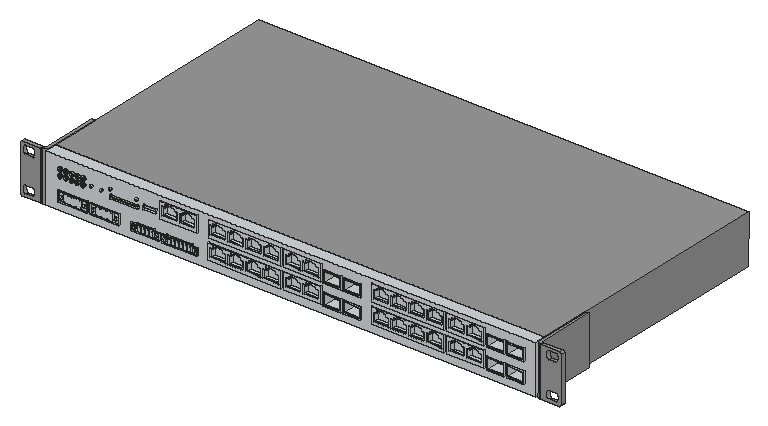
Revit family "G6 PLR MS400890MX-V2", category Datengeräte, Revit 2023
Family settings
  Bemaßung runder Anschluss = Durchmesser verwenden
  Teiletyp = Normal
  OmniClass-Nummer = 23.85.50.17
  OmniClass-Titel = Communication and Data Processing Equipment
  Arbeitsebenenbasiert = Nein
  Immer vertikal = Ja
  Beim Laden mit Abzugskörper schneiden = Nein
  Beschriftungsausrichtung beibehalten = Nein
  Gemeinsam genutzt = Nein
  Raumberechnungspunkt = Nein
Parameters (values of type "G6 PLR MS400890MX-V2")
  Vorgabe-Ansicht = 0 mm
  Material 2 = Stahl, 43-245
  Material = Edelstahl AISI 304
  Ausführung = "19\", managed switch"
  Anschluss 7 = 0 mm
  Anschluss 6 = "RS-232 Port (RJ-45)"
  Anschluss 3 = "16x PoE+"
  Spannung Input = "2x 24..57VDC"
  Hersteller = "MICROSENS"
  Beschreibung = "25-Port GbE Industrial PLR Switch 19\" PoE+"
  Anschluss 5 = "1x USB, SD-Karte inkl"
  Artikelnummer = "MS400890MX-V2"
  Anschluss 4 = "1x PD"
  Anschluss 2 = "17x 10/100/1000T"
  Anschluss 1 = "8x 100/1000X SFP-Slots - 10/100/1000T (Combo)"
  Anschluss  7 = "2x I/O"
Reference planes
  plane 1 "Mitte (Vorne/Hinten)": y = 232.367
  plane 2: z = 0
  plane 3 "Mitte (Links/Rechts)": x = 6.748
Forms (mm)
  Extrusion 1, solid
    sketch origin (-0.016, 364.751, 0.945) x (1, 0, 0) y (0, 0.000495, 1)
      loop
        line (-210.828, 42.454) -> (-210.828, -0.948) -> (224.172, -0.948) -> (224.172, 42.454) -> (-210.828, 42.454)
    from 235.89 to 246.705
  Extrusion 2, solid
    sketch origin (0.625, 268.771, -232.376) x (1, 0, 0) y (0, 0.000495, 1)
      loop
        line (-109.371, 257.955) -> (-76.371, 257.955) -> (-76.371, 272.055) -> (-109.371, 272.055) -> (-109.371, 257.955)
      loop
        line (-107.78, 260.695) -> (-93.81, 260.695) -> (-93.81, 268.569) -> (-96.477, 268.569) -> (-96.477, 270.347) -> (-98.89, 270.347) -> (-98.89, 271.236) -> (-102.7, 271.236) -> (-102.7, 270.347) -> (-105.113, 270.347) -> (-105.113, 268.569) -> (-107.78, 268.569) -> (-107.78, 260.695)
      loop
        line (-92.032, 260.695) -> (-78.062, 260.695) -> (-78.062, 268.569) -> (-80.729, 268.569) -> (-80.729, 270.347) -> (-83.142, 270.347) -> (-83.142, 271.236) -> (-86.952, 271.236) -> (-86.952, 270.347) -> (-89.365, 270.347) -> (-89.365, 268.569) -> (-92.032, 268.569) -> (-92.032, 260.695)
    from 150.84 to 151.64
  Extrusion 3, solid
    sketch origin (0.938, 268.771, -232.376) x (1, 0, 0) y (0, 0.000495, 1)
      loop
        line (-126.471, 264.855) -> (-126.471, 259.255)
        arc (-126.471, 259.255) -> (-126.178, 258.548) -> (-125.471, 258.255) r 1
        line (-125.471, 258.255) -> (-112.371, 258.255)
        arc (-112.371, 258.255) -> (-111.663, 258.548) -> (-111.371, 259.255) r 1
        line (-111.371, 259.255) -> (-111.371, 264.855)
        arc (-111.371, 264.855) -> (-111.663, 265.562) -> (-112.371, 265.855) r 1
        line (-112.371, 265.855) -> (-125.471, 265.855)
        arc (-125.471, 265.855) -> (-126.178, 265.562) -> (-126.471, 264.855) r 1
      loop
        line (-125.071, 264.605) -> (-125.071, 259.105) -> (-112.671, 259.105) -> (-112.671, 264.605) -> (-125.071, 264.605)
    from 150.84 to 151.64
  Extrusion 4, solid
    sketch origin (0.938, 268.771, -232.376) x (1, 0, 0) y (0, 0.000495, 1)
      loop
        line (-124.365, 262.053) -> (-113.348, 262.053) -> (-113.348, 263.837) -> (-124.365, 263.837) -> (-124.365, 262.053)
      loop
        line (-124.121, 263.355) -> (-124.121, 262.305) -> (-113.621, 262.305) -> (-113.621, 263.355) -> (-124.121, 263.355)
    from 150.84 to 151.64
  Extrusion 5, solid
    sketch origin (0.703, 268.771, -232.376) x (1, 0, 0) y (0, 0.000495, 1)
      loop
        circle (-198.221, 265.585) r 1.75
      loop
        circle (-198.221, 265.575) r 1.524
    from 150.84 to 151.64
  Extrusion 6, solid
    sketch origin (5.783, 268.771, -232.376) x (1, 0, 0) y (0, 0.000495, 1)
      loop
        circle (-198.221, 265.585) r 1.75
      loop
        circle (-198.221, 265.575) r 1.524
    from 150.84 to 151.64
  Extrusion 7, solid
    sketch origin (10.863, 268.771, -232.376) x (1, 0, 0) y (0, 0.000495, 1)
      loop
        circle (-198.221, 265.585) r 1.75
      loop
        circle (-198.221, 265.575) r 1.524
    from 150.84 to 151.64
  Extrusion 8, solid
    sketch origin (15.943, 268.771, -232.376) x (1, 0, 0) y (0, 0.000495, 1)
      loop
        circle (-198.221, 265.585) r 1.75
      loop
        circle (-198.221, 265.575) r 1.524
    from 150.84 to 151.64
  Extrusion 9, solid
    sketch origin (21.023, 268.771, -232.376) x (1, 0, 0) y (0, 0.000495, 1)
      loop
        circle (-198.221, 265.585) r 1.75
      loop
        circle (-198.221, 265.575) r 1.524
    from 150.84 to 151.64
  Extrusion 10, solid
    sketch origin (21.023, 268.768, -237.456) x (1, 0, 0) y (0, 0.000495, 1)
      loop
        circle (-198.221, 265.585) r 1.75
      loop
        circle (-198.221, 265.575) r 1.524
    from 150.84 to 151.64
  Extrusion 11, solid
    sketch origin (15.943, 268.768, -237.456) x (1, 0, 0) y (0, 0.000495, 1)
      loop
        circle (-198.221, 265.585) r 1.75
      loop
        circle (-198.221, 265.575) r 1.524
    from 150.84 to 151.64
  Extrusion 12, solid
    sketch origin (10.863, 268.768, -237.456) x (1, 0, 0) y (0, 0.000495, 1)
      loop
        circle (-198.221, 265.585) r 1.75
      loop
        circle (-198.221, 265.575) r 1.524
    from 150.84 to 151.64
  Extrusion 13, solid
    sketch origin (5.783, 268.768, -237.456) x (1, 0, 0) y (0, 0.000495, 1)
      loop
        circle (-198.221, 265.585) r 1.75
      loop
        circle (-198.221, 265.575) r 1.524
    from 150.84 to 151.64
  Extrusion 14, solid
    sketch origin (0.703, 268.768, -237.456) x (1, 0, 0) y (0, 0.000495, 1)
      loop
        circle (-198.221, 265.585) r 1.75
      loop
        circle (-198.221, 265.575) r 1.524
    from 150.84 to 151.64
  Extrusion 15, solid
    sketch origin (0.703, 268.771, -232.376) x (1, 0, 0) y (0, 0.000495, 1)
      loop
        circle (-170.571, 261.955) r 1
    from 150.84 to 151.64
  Extrusion 16, solid
    sketch origin (9.703, 268.771, -232.376) x (1, 0, 0) y (0, 0.000495, 1)
      loop
        circle (-170.571, 261.955) r 1
    from 150.84 to 151.64
  Extrusion 17, solid
    sketch origin (17.486, 268.772, -228.876) x (1, 0, 0) y (0, 0.000495, 1)
      loop
        circle (-170.571, 261.955) r 1
    from 150.84 to 151.64
  Extrusion 18, solid
    sketch origin (40.673, 268.772, -228.876) x (1, 0, 0) y (0, 0.000495, 1)
      loop
        circle (-170.571, 261.955) r 1
    from 150.84 to 151.64
  Extrusion 19, void
    sketch origin (0.625, 268.771, -232.376) x (1, 0, 0) y (0, 0.000495, 1)
      loop
        line (-106.701, 261.203) -> (-94.788, 261.203) -> (-94.788, 268.036) -> (-96.693, 268.036) -> (-96.693, 269.738) -> (-99.221, 269.738) -> (-99.221, 270.576) -> (-102.269, 270.576) -> (-102.269, 269.738) -> (-104.787, 269.738) -> (-104.787, 268.036) -> (-106.701, 268.036) -> (-106.701, 261.203)
    from 147.46 to 160.434
  Extrusion 20, void
    sketch origin (16.39, 268.771, -232.376) x (1, 0, 0) y (0, 0.000495, 1)
      loop
        line (-106.701, 261.203) -> (-94.788, 261.203) -> (-94.788, 268.036) -> (-96.693, 268.036) -> (-96.693, 269.738) -> (-99.221, 269.738) -> (-99.221, 270.576) -> (-102.269, 270.576) -> (-102.269, 269.738) -> (-104.787, 269.738) -> (-104.787, 268.036) -> (-106.701, 268.036) -> (-106.701, 261.203)
    from 147.46 to 160.434
  Extrusion 21, solid
    sketch origin (0.938, 268.771, -232.376) x (1, 0, 0) y (0, 0.000495, 1)
      loop
        line (-153.771, 257.955) -> (-130.421, 257.955)
        arc (-130.421, 257.955) -> (-129.713, 258.248) -> (-129.421, 258.955) r 1
        line (-129.421, 258.955) -> (-129.421, 260.355)
        arc (-129.421, 260.355) -> (-129.713, 261.062) -> (-130.421, 261.355) r 1
        line (-130.421, 261.355) -> (-153.771, 261.355)
        arc (-153.771, 261.355) -> (-154.478, 261.062) -> (-154.771, 260.355) r 1
        line (-154.771, 260.355) -> (-154.771, 258.955)
        arc (-154.771, 258.955) -> (-154.478, 258.248) -> (-153.771, 257.955) r 1
      loop
        line (-153.314, 260.555) -> (-153.314, 258.755) -> (-130.846, 258.755) -> (-130.846, 260.555) -> (-153.314, 260.555)
    from 150.46 to 151.35
  Extrusion 22, void
    sketch origin (0.938, 268.771, -232.376) x (1, 0, 0) y (0, 0.000495, 1)
      loop
        line (-153.096, 260.255) -> (-153.096, 259.155) -> (-131.096, 259.155) -> (-131.096, 260.255) -> (-153.096, 260.255)
    from 138.78 to 166.609
  Extrusion 23, void
    sketch origin (0.781, 268.771, -232.376) x (1, 0, 0) y (0, 0.000495, 1)
      loop
        line (-125.071, 262.055) -> (-125.071, 259.105) -> (-112.671, 259.105) -> (-112.671, 262.055) -> (-125.071, 262.055)
    from 147.46 to 160.434
  Extrusion 24, solid, material "Stahl, 43-245"
    sketch origin (0, 268.886, -0.01) x (1, 0, 0) y (0, -1, 0.000495)
      loop
        line (-210.844, 140.025) -> (-210.844, -85.512) -> (224.156, -85.512) -> (224.156, 140.025) -> (-210.844, 140.025)
    from -43.5 to 0
  Extrusion 25, solid, material "Stahl, 43-245"
    sketch origin (-0.021, 268.771, -232.465) x (1, 0, 0) y (0, 0.000495, 1)
      loop
        line (228.179, 275.955) -> (228.179, 232.455) -> (245.679, 232.455) -> (247.179, 233.955) -> (247.179, 274.455) -> (245.679, 275.955) -> (228.179, 275.955)
      loop
        arc (235.577, 273.83) -> (233.979, 270.08) -> (235.577, 266.33) r 5.2
        line (235.577, 266.33) -> (242.782, 266.33)
        arc (242.782, 266.33) -> (244.379, 270.08) -> (242.782, 273.83) r 5.2
        line (242.782, 273.83) -> (235.577, 273.83)
      loop
        arc (235.577, 242.08) -> (233.979, 238.33) -> (235.577, 234.58) r 5.2
        line (235.577, 234.58) -> (242.782, 234.58)
        arc (242.782, 234.58) -> (244.379, 238.33) -> (242.782, 242.08) r 5.2
        line (242.782, 242.08) -> (235.577, 242.08)
    from 147.46 to 150.46
  Extrusion 26, solid, material "Stahl, 43-245"
    sketch origin (-0.02, -240.822, 0.3) x (1, 0, 0) y (0, 1, -0.000495)
      loop
        line (224.179, 414.208) -> (224.179, 363.208)
        arc (224.179, 363.208) -> (225.351, 360.38) -> (228.178, 359.208) r 4
        line (228.178, 359.208) -> (228.178, 362.208)
        arc (228.178, 362.208) -> (227.472, 362.501) -> (227.179, 363.208) r 1
        line (227.179, 363.208) -> (227.179, 414.208) -> (224.179, 414.208)
    from -0.058 to 43.442
  Extrusion 27, solid, material "Stahl, 43-245"
    sketch origin (13.517, 268.771, -232.411) x (-1, 0, 0) y (0, -0.000495, -1)
      loop
        line (228.179, -275.955) -> (245.679, -275.955) -> (247.179, -274.455) -> (247.179, -233.955) -> (245.679, -232.455) -> (228.179, -232.455) -> (228.179, -275.955)
      loop
        line (235.577, -273.83) -> (242.782, -273.83)
        arc (242.782, -273.83) -> (244.379, -270.08) -> (242.782, -266.33) r 5.2
        line (242.782, -266.33) -> (235.577, -266.33)
        arc (235.577, -266.33) -> (233.979, -270.08) -> (235.577, -273.83) r 5.2
      loop
        line (235.577, -242.08) -> (242.782, -242.08)
        arc (242.782, -242.08) -> (244.379, -238.33) -> (242.782, -234.58) r 5.2
        line (242.782, -234.58) -> (235.577, -234.58)
        arc (235.577, -234.58) -> (233.979, -238.33) -> (235.577, -242.08) r 5.2
    from 147.46 to 150.46
  Extrusion 28, solid, material "Stahl, 43-245"
    sketch origin (13.457, -240.822, 0.355) x (-1, 0, 0) y (0, -1, 0.000495)
      loop
        line (224.302, -414.208) -> (227.179, -414.208) -> (227.179, -363.208)
        arc (227.179, -363.208) -> (227.672, -362.346) -> (228.664, -362.333) r 1
        line (228.664, -362.333) -> (228.664, -359.224)
        arc (228.664, -359.224) -> (225.604, -360.254) -> (224.302, -363.208) r 4
        line (224.302, -363.208) -> (224.302, -414.208)
    from -0.058 to 43.442
  Extrusion 29, solid
    sketch origin (110.469, 268.771, -232.376) x (1, 0, 0) y (0, 0.000495, 1)
      loop
        line (-109.371, 257.955) -> (-76.371, 257.955) -> (-76.371, 272.055) -> (-109.371, 272.055) -> (-109.371, 257.955)
      loop
        line (-107.78, 260.695) -> (-93.81, 260.695) -> (-93.81, 268.569) -> (-96.477, 268.569) -> (-96.477, 270.347) -> (-98.89, 270.347) -> (-98.89, 271.236) -> (-102.7, 271.236) -> (-102.7, 270.347) -> (-105.113, 270.347) -> (-105.113, 268.569) -> (-107.78, 268.569) -> (-107.78, 260.695)
      loop
        line (-92.032, 260.695) -> (-78.062, 260.695) -> (-78.062, 268.569) -> (-80.729, 268.569) -> (-80.729, 270.347) -> (-83.142, 270.347) -> (-83.142, 271.236) -> (-86.952, 271.236) -> (-86.952, 270.347) -> (-89.365, 270.347) -> (-89.365, 268.569) -> (-92.032, 268.569) -> (-92.032, 260.695)
    from 150.84 to 151.64
  Extrusion 30, void
    sketch origin (110.469, 268.771, -232.376) x (1, 0, 0) y (0, 0.000495, 1)
      loop
        line (-106.701, 261.203) -> (-94.788, 261.203) -> (-94.788, 268.036) -> (-96.693, 268.036) -> (-96.693, 269.738) -> (-99.221, 269.738) -> (-99.221, 270.576) -> (-102.269, 270.576) -> (-102.269, 269.738) -> (-104.787, 269.738) -> (-104.787, 268.036) -> (-106.701, 268.036) -> (-106.701, 261.203)
    from 147.46 to 160.434
  Extrusion 31, void
    sketch origin (126.234, 268.771, -232.376) x (1, 0, 0) y (0, 0.000495, 1)
      loop
        line (-106.701, 261.203) -> (-94.788, 261.203) -> (-94.788, 268.036) -> (-96.693, 268.036) -> (-96.693, 269.738) -> (-99.221, 269.738) -> (-99.221, 270.576) -> (-102.269, 270.576) -> (-102.269, 269.738) -> (-104.787, 269.738) -> (-104.787, 268.036) -> (-106.701, 268.036) -> (-106.701, 261.203)
    from 147.46 to 160.434
  Extrusion 32, solid
    sketch origin (110.469, 268.762, -250.343) x (1, 0, 0) y (0, 0.000495, 1)
      loop
        line (-109.371, 257.955) -> (-76.371, 257.955) -> (-76.371, 272.055) -> (-109.371, 272.055) -> (-109.371, 257.955)
      loop
        line (-107.78, 260.695) -> (-93.81, 260.695) -> (-93.81, 268.569) -> (-96.477, 268.569) -> (-96.477, 270.347) -> (-98.89, 270.347) -> (-98.89, 271.236) -> (-102.7, 271.236) -> (-102.7, 270.347) -> (-105.113, 270.347) -> (-105.113, 268.569) -> (-107.78, 268.569) -> (-107.78, 260.695)
      loop
        line (-92.032, 260.695) -> (-78.062, 260.695) -> (-78.062, 268.569) -> (-80.729, 268.569) -> (-80.729, 270.347) -> (-83.142, 270.347) -> (-83.142, 271.236) -> (-86.952, 271.236) -> (-86.952, 270.347) -> (-89.365, 270.347) -> (-89.365, 268.569) -> (-92.032, 268.569) -> (-92.032, 260.695)
    from 150.84 to 151.64
  Extrusion 33, void
    sketch origin (110.469, 268.762, -250.343) x (1, 0, 0) y (0, 0.000495, 1)
      loop
        line (-106.701, 261.203) -> (-94.788, 261.203) -> (-94.788, 268.036) -> (-96.693, 268.036) -> (-96.693, 269.738) -> (-99.221, 269.738) -> (-99.221, 270.576) -> (-102.269, 270.576) -> (-102.269, 269.738) -> (-104.787, 269.738) -> (-104.787, 268.036) -> (-106.701, 268.036) -> (-106.701, 261.203)
    from 147.46 to 160.434
  Extrusion 34, void
    sketch origin (126.234, 268.762, -250.343) x (1, 0, 0) y (0, 0.000495, 1)
      loop
        line (-106.701, 261.203) -> (-94.788, 261.203) -> (-94.788, 268.036) -> (-96.693, 268.036) -> (-96.693, 269.738) -> (-99.221, 269.738) -> (-99.221, 270.576) -> (-102.269, 270.576) -> (-102.269, 269.738) -> (-104.787, 269.738) -> (-104.787, 268.036) -> (-106.701, 268.036) -> (-106.701, 261.203)
    from 147.46 to 160.434
  Extrusion 35, solid
    sketch origin (255.469, 268.771, -232.376) x (1, 0, 0) y (0, 0.000495, 1)
      loop
        line (-109.371, 257.955) -> (-76.371, 257.955) -> (-76.371, 272.055) -> (-109.371, 272.055) -> (-109.371, 257.955)
      loop
        line (-107.78, 260.695) -> (-93.81, 260.695) -> (-93.81, 268.569) -> (-96.477, 268.569) -> (-96.477, 270.347) -> (-98.89, 270.347) -> (-98.89, 271.236) -> (-102.7, 271.236) -> (-102.7, 270.347) -> (-105.113, 270.347) -> (-105.113, 268.569) -> (-107.78, 268.569) -> (-107.78, 260.695)
      loop
        line (-92.032, 260.695) -> (-78.062, 260.695) -> (-78.062, 268.569) -> (-80.729, 268.569) -> (-80.729, 270.347) -> (-83.142, 270.347) -> (-83.142, 271.236) -> (-86.952, 271.236) -> (-86.952, 270.347) -> (-89.365, 270.347) -> (-89.365, 268.569) -> (-92.032, 268.569) -> (-92.032, 260.695)
    from 150.84 to 151.64
  Extrusion 36, void
    sketch origin (255.469, 268.771, -232.376) x (1, 0, 0) y (0, 0.000495, 1)
      loop
        line (-106.701, 261.203) -> (-94.788, 261.203) -> (-94.788, 268.036) -> (-96.693, 268.036) -> (-96.693, 269.738) -> (-99.221, 269.738) -> (-99.221, 270.576) -> (-102.269, 270.576) -> (-102.269, 269.738) -> (-104.787, 269.738) -> (-104.787, 268.036) -> (-106.701, 268.036) -> (-106.701, 261.203)
    from 147.46 to 160.434
  Extrusion 37, void
    sketch origin (271.234, 268.771, -232.376) x (1, 0, 0) y (0, 0.000495, 1)
      loop
        line (-106.701, 261.203) -> (-94.788, 261.203) -> (-94.788, 268.036) -> (-96.693, 268.036) -> (-96.693, 269.738) -> (-99.221, 269.738) -> (-99.221, 270.576) -> (-102.269, 270.576) -> (-102.269, 269.738) -> (-104.787, 269.738) -> (-104.787, 268.036) -> (-106.701, 268.036) -> (-106.701, 261.203)
    from 147.46 to 160.434
  Extrusion 38, solid
    sketch origin (255.469, 268.762, -250.343) x (1, 0, 0) y (0, 0.000495, 1)
      loop
        line (-109.371, 257.955) -> (-76.371, 257.955) -> (-76.371, 272.055) -> (-109.371, 272.055) -> (-109.371, 257.955)
      loop
        line (-107.78, 260.695) -> (-93.81, 260.695) -> (-93.81, 268.569) -> (-96.477, 268.569) -> (-96.477, 270.347) -> (-98.89, 270.347) -> (-98.89, 271.236) -> (-102.7, 271.236) -> (-102.7, 270.347) -> (-105.113, 270.347) -> (-105.113, 268.569) -> (-107.78, 268.569) -> (-107.78, 260.695)
      loop
        line (-92.032, 260.695) -> (-78.062, 260.695) -> (-78.062, 268.569) -> (-80.729, 268.569) -> (-80.729, 270.347) -> (-83.142, 270.347) -> (-83.142, 271.236) -> (-86.952, 271.236) -> (-86.952, 270.347) -> (-89.365, 270.347) -> (-89.365, 268.569) -> (-92.032, 268.569) -> (-92.032, 260.695)
    from 150.84 to 151.64
  Extrusion 39, void
    sketch origin (255.469, 268.762, -250.343) x (1, 0, 0) y (0, 0.000495, 1)
      loop
        line (-106.701, 261.203) -> (-94.788, 261.203) -> (-94.788, 268.036) -> (-96.693, 268.036) -> (-96.693, 269.738) -> (-99.221, 269.738) -> (-99.221, 270.576) -> (-102.269, 270.576) -> (-102.269, 269.738) -> (-104.787, 269.738) -> (-104.787, 268.036) -> (-106.701, 268.036) -> (-106.701, 261.203)
    from 147.46 to 160.434
  Extrusion 40, void
    sketch origin (271.234, 268.762, -250.343) x (1, 0, 0) y (0, 0.000495, 1)
      loop
        line (-106.701, 261.203) -> (-94.788, 261.203) -> (-94.788, 268.036) -> (-96.693, 268.036) -> (-96.693, 269.738) -> (-99.221, 269.738) -> (-99.221, 270.576) -> (-102.269, 270.576) -> (-102.269, 269.738) -> (-104.787, 269.738) -> (-104.787, 268.036) -> (-106.701, 268.036) -> (-106.701, 261.203)
    from 147.46 to 160.434
  Extrusion 41, solid
    sketch origin (220.156, 268.762, -250.421) x (1, 0, 0) y (0, 0.000495, 1)
      loop
        line (-140.898, 257.955) -> (-76.371, 257.955) -> (-76.371, 272.055) -> (-140.898, 272.055) -> (-140.898, 257.955)
      loop
        line (-107.78, 260.695) -> (-93.81, 260.695) -> (-93.81, 268.569) -> (-96.477, 268.569) -> (-96.477, 270.347) -> (-98.89, 270.347) -> (-98.89, 271.236) -> (-102.7, 271.236) -> (-102.7, 270.347) -> (-105.113, 270.347) -> (-105.113, 268.569) -> (-107.78, 268.569) -> (-107.78, 260.695)
      loop
        line (-92.032, 260.695) -> (-78.062, 260.695) -> (-78.062, 268.569) -> (-80.729, 268.569) -> (-80.729, 270.347) -> (-83.142, 270.347) -> (-83.142, 271.236) -> (-86.952, 271.236) -> (-86.952, 270.347) -> (-89.365, 270.347) -> (-89.365, 268.569) -> (-92.032, 268.569) -> (-92.032, 260.695)
      loop
        line (-123.554, 260.695) -> (-109.584, 260.695) -> (-109.584, 268.569) -> (-112.251, 268.569) -> (-112.251, 270.347) -> (-114.664, 270.347) -> (-114.664, 271.236) -> (-118.474, 271.236) -> (-118.474, 270.402) -> (-120.887, 270.402) -> (-120.887, 268.624) -> (-123.554, 268.624) -> (-123.554, 260.695)
      loop
        line (-125.332, 260.75) -> (-125.332, 268.624) -> (-127.999, 268.624) -> (-127.999, 270.402) -> (-130.412, 270.402) -> (-130.412, 271.291) -> (-134.222, 271.291) -> (-134.222, 270.402) -> (-136.635, 270.402) -> (-136.635, 268.624) -> (-139.302, 268.624) -> (-139.302, 260.75) -> (-125.332, 260.75)
    from 150.84 to 151.64
  Extrusion 42, void
    sketch origin (220.156, 268.762, -250.382) x (1, 0, 0) y (0, 0.000495, 1)
      loop
        line (-106.701, 261.203) -> (-94.788, 261.203) -> (-94.788, 268.036) -> (-96.693, 268.036) -> (-96.693, 269.738) -> (-99.221, 269.738) -> (-99.221, 270.576) -> (-102.269, 270.576) -> (-102.269, 269.738) -> (-104.787, 269.738) -> (-104.787, 268.036) -> (-106.701, 268.036) -> (-106.701, 261.203)
    from 147.46 to 160.434
  Extrusion 43, void
    sketch origin (235.921, 268.762, -250.382) x (1, 0, 0) y (0, 0.000495, 1)
      loop
        line (-106.701, 261.203) -> (-94.788, 261.203) -> (-94.788, 268.036) -> (-96.693, 268.036) -> (-96.693, 269.738) -> (-99.221, 269.738) -> (-99.221, 270.576) -> (-102.269, 270.576) -> (-102.269, 269.738) -> (-104.787, 269.738) -> (-104.787, 268.036) -> (-106.701, 268.036) -> (-106.701, 261.203)
    from 147.46 to 160.434
  Extrusion 44, void
    sketch origin (188.61, 268.762, -250.382) x (1, 0, 0) y (0, 0.000495, 1)
      loop
        line (-106.701, 261.203) -> (-94.788, 261.203) -> (-94.788, 268.036) -> (-96.693, 268.036) -> (-96.693, 269.738) -> (-99.221, 269.738) -> (-99.221, 270.576) -> (-102.269, 270.576) -> (-102.269, 269.738) -> (-104.787, 269.738) -> (-104.787, 268.036) -> (-106.701, 268.036) -> (-106.701, 261.203)
    from 147.46 to 160.434
  Extrusion 45, void
    sketch origin (204.375, 268.762, -250.382) x (1, 0, 0) y (0, 0.000495, 1)
      loop
        line (-106.701, 261.203) -> (-94.788, 261.203) -> (-94.788, 268.036) -> (-96.693, 268.036) -> (-96.693, 269.738) -> (-99.221, 269.738) -> (-99.221, 270.576) -> (-102.269, 270.576) -> (-102.269, 269.738) -> (-104.787, 269.738) -> (-104.787, 268.036) -> (-106.701, 268.036) -> (-106.701, 261.203)
    from 147.46 to 160.434
  Extrusion 46, solid
    sketch origin (220.156, 268.771, -232.334) x (1, 0, 0) y (0, 0.000495, 1)
      loop
        line (-140.898, 257.955) -> (-76.371, 257.955) -> (-76.371, 272.055) -> (-140.898, 272.055) -> (-140.898, 257.955)
      loop
        line (-107.78, 260.695) -> (-93.81, 260.695) -> (-93.81, 268.569) -> (-96.477, 268.569) -> (-96.477, 270.347) -> (-98.89, 270.347) -> (-98.89, 271.236) -> (-102.7, 271.236) -> (-102.7, 270.347) -> (-105.113, 270.347) -> (-105.113, 268.569) -> (-107.78, 268.569) -> (-107.78, 260.695)
      loop
        line (-92.032, 260.695) -> (-78.062, 260.695) -> (-78.062, 268.569) -> (-80.729, 268.569) -> (-80.729, 270.347) -> (-83.142, 270.347) -> (-83.142, 271.236) -> (-86.952, 271.236) -> (-86.952, 270.347) -> (-89.365, 270.347) -> (-89.365, 268.569) -> (-92.032, 268.569) -> (-92.032, 260.695)
      loop
        line (-123.554, 260.695) -> (-109.584, 260.695) -> (-109.584, 268.569) -> (-112.251, 268.569) -> (-112.251, 270.347) -> (-114.664, 270.347) -> (-114.664, 271.236) -> (-118.474, 271.236) -> (-118.474, 270.402) -> (-120.887, 270.402) -> (-120.887, 268.624) -> (-123.554, 268.624) -> (-123.554, 260.695)
      loop
        line (-125.332, 260.75) -> (-125.332, 268.624) -> (-127.999, 268.624) -> (-127.999, 270.402) -> (-130.412, 270.402) -> (-130.412, 271.291) -> (-134.222, 271.291) -> (-134.222, 270.402) -> (-136.635, 270.402) -> (-136.635, 268.624) -> (-139.302, 268.624) -> (-139.302, 260.75) -> (-125.332, 260.75)
    from 150.84 to 151.64
  Extrusion 47, void
    sketch origin (220.156, 268.771, -232.295) x (1, 0, 0) y (0, 0.000495, 1)
      loop
        line (-106.701, 261.203) -> (-94.788, 261.203) -> (-94.788, 268.036) -> (-96.693, 268.036) -> (-96.693, 269.738) -> (-99.221, 269.738) -> (-99.221, 270.576) -> (-102.269, 270.576) -> (-102.269, 269.738) -> (-104.787, 269.738) -> (-104.787, 268.036) -> (-106.701, 268.036) -> (-106.701, 261.203)
    from 147.46 to 160.434
  Extrusion 48, void
    sketch origin (235.921, 268.771, -232.295) x (1, 0, 0) y (0, 0.000495, 1)
      loop
        line (-106.701, 261.203) -> (-94.788, 261.203) -> (-94.788, 268.036) -> (-96.693, 268.036) -> (-96.693, 269.738) -> (-99.221, 269.738) -> (-99.221, 270.576) -> (-102.269, 270.576) -> (-102.269, 269.738) -> (-104.787, 269.738) -> (-104.787, 268.036) -> (-106.701, 268.036) -> (-106.701, 261.203)
    from 147.46 to 160.434
  Extrusion 49, void
    sketch origin (188.61, 268.771, -232.295) x (1, 0, 0) y (0, 0.000495, 1)
      loop
        line (-106.701, 261.203) -> (-94.788, 261.203) -> (-94.788, 268.036) -> (-96.693, 268.036) -> (-96.693, 269.738) -> (-99.221, 269.738) -> (-99.221, 270.576) -> (-102.269, 270.576) -> (-102.269, 269.738) -> (-104.787, 269.738) -> (-104.787, 268.036) -> (-106.701, 268.036) -> (-106.701, 261.203)
    from 147.46 to 160.434
  Extrusion 50, void
    sketch origin (204.375, 268.771, -232.295) x (1, 0, 0) y (0, 0.000495, 1)
      loop
        line (-106.701, 261.203) -> (-94.788, 261.203) -> (-94.788, 268.036) -> (-96.693, 268.036) -> (-96.693, 269.738) -> (-99.221, 269.738) -> (-99.221, 270.576) -> (-102.269, 270.576) -> (-102.269, 269.738) -> (-104.787, 269.738) -> (-104.787, 268.036) -> (-106.701, 268.036) -> (-106.701, 261.203)
    from 147.46 to 160.434
  Extrusion 51, solid
    sketch origin (75.156, 268.771, -232.412) x (1, 0, 0) y (0, 0.000495, 1)
      loop
        line (-140.898, 257.955) -> (-76.371, 257.955) -> (-76.371, 272.055) -> (-140.898, 272.055) -> (-140.898, 257.955)
      loop
        line (-107.78, 260.695) -> (-93.81, 260.695) -> (-93.81, 268.569) -> (-96.477, 268.569) -> (-96.477, 270.347) -> (-98.89, 270.347) -> (-98.89, 271.236) -> (-102.7, 271.236) -> (-102.7, 270.347) -> (-105.113, 270.347) -> (-105.113, 268.569) -> (-107.78, 268.569) -> (-107.78, 260.695)
      loop
        line (-92.032, 260.695) -> (-78.062, 260.695) -> (-78.062, 268.569) -> (-80.729, 268.569) -> (-80.729, 270.347) -> (-83.142, 270.347) -> (-83.142, 271.236) -> (-86.952, 271.236) -> (-86.952, 270.347) -> (-89.365, 270.347) -> (-89.365, 268.569) -> (-92.032, 268.569) -> (-92.032, 260.695)
      loop
        line (-123.554, 260.695) -> (-109.584, 260.695) -> (-109.584, 268.569) -> (-112.251, 268.569) -> (-112.251, 270.347) -> (-114.664, 270.347) -> (-114.664, 271.236) -> (-118.474, 271.236) -> (-118.474, 270.402) -> (-120.887, 270.402) -> (-120.887, 268.624) -> (-123.554, 268.624) -> (-123.554, 260.695)
      loop
        line (-125.332, 260.75) -> (-125.332, 268.624) -> (-127.999, 268.624) -> (-127.999, 270.402) -> (-130.412, 270.402) -> (-130.412, 271.291) -> (-134.222, 271.291) -> (-134.222, 270.402) -> (-136.635, 270.402) -> (-136.635, 268.624) -> (-139.302, 268.624) -> (-139.302, 260.75) -> (-125.332, 260.75)
    from 150.84 to 151.64
  Extrusion 52, void
    sketch origin (75.156, 268.771, -232.373) x (1, 0, 0) y (0, 0.000495, 1)
      loop
        line (-106.701, 261.203) -> (-94.788, 261.203) -> (-94.788, 268.036) -> (-96.693, 268.036) -> (-96.693, 269.738) -> (-99.221, 269.738) -> (-99.221, 270.576) -> (-102.269, 270.576) -> (-102.269, 269.738) -> (-104.787, 269.738) -> (-104.787, 268.036) -> (-106.701, 268.036) -> (-106.701, 261.203)
    from 147.46 to 160.434
  Extrusion 53, void
    sketch origin (90.921, 268.771, -232.373) x (1, 0, 0) y (0, 0.000495, 1)
      loop
        line (-106.701, 261.203) -> (-94.788, 261.203) -> (-94.788, 268.036) -> (-96.693, 268.036) -> (-96.693, 269.738) -> (-99.221, 269.738) -> (-99.221, 270.576) -> (-102.269, 270.576) -> (-102.269, 269.738) -> (-104.787, 269.738) -> (-104.787, 268.036) -> (-106.701, 268.036) -> (-106.701, 261.203)
    from 147.46 to 160.434
  Extrusion 54, void
    sketch origin (43.61, 268.771, -232.373) x (1, 0, 0) y (0, 0.000495, 1)
      loop
        line (-106.701, 261.203) -> (-94.788, 261.203) -> (-94.788, 268.036) -> (-96.693, 268.036) -> (-96.693, 269.738) -> (-99.221, 269.738) -> (-99.221, 270.576) -> (-102.269, 270.576) -> (-102.269, 269.738) -> (-104.787, 269.738) -> (-104.787, 268.036) -> (-106.701, 268.036) -> (-106.701, 261.203)
    from 147.46 to 160.434
  Extrusion 55, void
    sketch origin (59.375, 268.771, -232.373) x (1, 0, 0) y (0, 0.000495, 1)
      loop
        line (-106.701, 261.203) -> (-94.788, 261.203) -> (-94.788, 268.036) -> (-96.693, 268.036) -> (-96.693, 269.738) -> (-99.221, 269.738) -> (-99.221, 270.576) -> (-102.269, 270.576) -> (-102.269, 269.738) -> (-104.787, 269.738) -> (-104.787, 268.036) -> (-106.701, 268.036) -> (-106.701, 261.203)
    from 147.46 to 160.434
  Extrusion 56, solid
    sketch origin (75.117, 268.762, -250.401) x (1, 0, 0) y (0, 0.000495, 1)
      loop
        line (-140.898, 257.955) -> (-76.371, 257.955) -> (-76.371, 272.055) -> (-140.898, 272.055) -> (-140.898, 257.955)
      loop
        line (-107.78, 260.695) -> (-93.81, 260.695) -> (-93.81, 268.569) -> (-96.477, 268.569) -> (-96.477, 270.347) -> (-98.89, 270.347) -> (-98.89, 271.236) -> (-102.7, 271.236) -> (-102.7, 270.347) -> (-105.113, 270.347) -> (-105.113, 268.569) -> (-107.78, 268.569) -> (-107.78, 260.695)
      loop
        line (-92.032, 260.695) -> (-78.062, 260.695) -> (-78.062, 268.569) -> (-80.729, 268.569) -> (-80.729, 270.347) -> (-83.142, 270.347) -> (-83.142, 271.236) -> (-86.952, 271.236) -> (-86.952, 270.347) -> (-89.365, 270.347) -> (-89.365, 268.569) -> (-92.032, 268.569) -> (-92.032, 260.695)
      loop
        line (-123.554, 260.695) -> (-109.584, 260.695) -> (-109.584, 268.569) -> (-112.251, 268.569) -> (-112.251, 270.347) -> (-114.664, 270.347) -> (-114.664, 271.236) -> (-118.474, 271.236) -> (-118.474, 270.402) -> (-120.887, 270.402) -> (-120.887, 268.624) -> (-123.554, 268.624) -> (-123.554, 260.695)
      loop
        line (-125.332, 260.75) -> (-125.332, 268.624) -> (-127.999, 268.624) -> (-127.999, 270.402) -> (-130.412, 270.402) -> (-130.412, 271.291) -> (-134.222, 271.291) -> (-134.222, 270.402) -> (-136.635, 270.402) -> (-136.635, 268.624) -> (-139.302, 268.624) -> (-139.302, 260.75) -> (-125.332, 260.75)
    from 150.84 to 151.64
  Extrusion 57, void
    sketch origin (75.117, 268.762, -250.362) x (1, 0, 0) y (0, 0.000495, 1)
      loop
        line (-106.701, 261.203) -> (-94.788, 261.203) -> (-94.788, 268.036) -> (-96.693, 268.036) -> (-96.693, 269.738) -> (-99.221, 269.738) -> (-99.221, 270.576) -> (-102.269, 270.576) -> (-102.269, 269.738) -> (-104.787, 269.738) -> (-104.787, 268.036) -> (-106.701, 268.036) -> (-106.701, 261.203)
    from 147.46 to 160.434
  Extrusion 58, void
    sketch origin (90.882, 268.762, -250.362) x (1, 0, 0) y (0, 0.000495, 1)
      loop
        line (-106.701, 261.203) -> (-94.788, 261.203) -> (-94.788, 268.036) -> (-96.693, 268.036) -> (-96.693, 269.738) -> (-99.221, 269.738) -> (-99.221, 270.576) -> (-102.269, 270.576) -> (-102.269, 269.738) -> (-104.787, 269.738) -> (-104.787, 268.036) -> (-106.701, 268.036) -> (-106.701, 261.203)
    from 147.46 to 160.434
  Extrusion 59, void
    sketch origin (43.571, 268.762, -250.362) x (1, 0, 0) y (0, 0.000495, 1)
      loop
        line (-106.701, 261.203) -> (-94.788, 261.203) -> (-94.788, 268.036) -> (-96.693, 268.036) -> (-96.693, 269.738) -> (-99.221, 269.738) -> (-99.221, 270.576) -> (-102.269, 270.576) -> (-102.269, 269.738) -> (-104.787, 269.738) -> (-104.787, 268.036) -> (-106.701, 268.036) -> (-106.701, 261.203)
    from 147.46 to 160.434
  Extrusion 60, void
    sketch origin (59.336, 268.762, -250.362) x (1, 0, 0) y (0, 0.000495, 1)
      loop
        line (-106.701, 261.203) -> (-94.788, 261.203) -> (-94.788, 268.036) -> (-96.693, 268.036) -> (-96.693, 269.738) -> (-99.221, 269.738) -> (-99.221, 270.576) -> (-102.269, 270.576) -> (-102.269, 269.738) -> (-104.787, 269.738) -> (-104.787, 268.036) -> (-106.701, 268.036) -> (-106.701, 261.203)
    from 147.46 to 160.434
  Extrusion 61, solid
    sketch origin (0, 268.771, -232.376) x (1, 0, 0) y (0, 0.000495, 1)
      loop
        line (198.964, 268.012) -> (198.964, 257.612) -> (214.464, 257.612) -> (214.464, 268.012) -> (198.964, 268.012)
      loop
        line (199.41, 267.584) -> (199.41, 257.912) -> (214.027, 257.912) -> (214.027, 267.584) -> (199.41, 267.584)
    from 140.025 to 151.64
  Extrusion 62, void
    sketch origin (307.458, 268.769, -235.027) x (1, 0, 0) y (0, 0.000495, 1)
      loop
        line (-107.793, 261.07) -> (-93.696, 261.07) -> (-93.696, 269.986) -> (-107.793, 269.986) -> (-107.793, 261.07)
    from 140.025 to 160.434
  Extrusion 63, solid
    sketch origin (-17.619, 268.771, -232.376) x (1, 0, 0) y (0, 0.000495, 1)
      loop
        line (198.964, 268.012) -> (198.964, 257.612) -> (214.464, 257.612) -> (214.464, 268.012) -> (198.964, 268.012)
      loop
        line (199.41, 267.584) -> (199.41, 257.912) -> (214.027, 257.912) -> (214.027, 267.584) -> (199.41, 267.584)
    from 140.025 to 151.64
  Extrusion 64, void
    sketch origin (289.839, 268.769, -235.027) x (1, 0, 0) y (0, 0.000495, 1)
      loop
        line (-107.793, 261.07) -> (-93.696, 261.07) -> (-93.696, 269.986) -> (-107.793, 269.986) -> (-107.793, 261.07)
    from 140.025 to 160.434
  Extrusion 65, solid
    sketch origin (0, 268.762, -250.385) x (1, 0, 0) y (0, 0.000495, 1)
      loop
        line (198.964, 268.012) -> (198.964, 257.612) -> (214.464, 257.612) -> (214.464, 268.012) -> (198.964, 268.012)
      loop
        line (199.41, 267.584) -> (199.41, 257.912) -> (214.027, 257.912) -> (214.027, 267.584) -> (199.41, 267.584)
    from 140.025 to 151.64
  Extrusion 66, void
    sketch origin (307.458, 268.76, -253.035) x (1, 0, 0) y (0, 0.000495, 1)
      loop
        line (-107.793, 261.07) -> (-93.696, 261.07) -> (-93.696, 269.986) -> (-107.793, 269.986) -> (-107.793, 261.07)
    from 140.025 to 160.434
  Extrusion 67, solid
    sketch origin (-17.619, 268.762, -250.385) x (1, 0, 0) y (0, 0.000495, 1)
      loop
        line (198.964, 268.012) -> (198.964, 257.612) -> (214.464, 257.612) -> (214.464, 268.012) -> (198.964, 268.012)
      loop
        line (199.41, 267.584) -> (199.41, 257.912) -> (214.027, 257.912) -> (214.027, 267.584) -> (199.41, 267.584)
    from 140.025 to 151.64
  Extrusion 68, void
    sketch origin (289.839, 268.76, -253.035) x (1, 0, 0) y (0, 0.000495, 1)
      loop
        line (-107.793, 261.07) -> (-93.696, 261.07) -> (-93.696, 269.986) -> (-107.793, 269.986) -> (-107.793, 261.07)
    from 140.025 to 160.434
  Extrusion 69, solid
    sketch origin (-145, 268.771, -232.376) x (1, 0, 0) y (0, 0.000495, 1)
      loop
        line (198.964, 268.012) -> (198.964, 257.612) -> (214.464, 257.612) -> (214.464, 268.012) -> (198.964, 268.012)
      loop
        line (199.41, 267.584) -> (199.41, 257.912) -> (214.027, 257.912) -> (214.027, 267.584) -> (199.41, 267.584)
    from 140.025 to 151.64
  Extrusion 70, void
    sketch origin (162.458, 268.769, -235.027) x (1, 0, 0) y (0, 0.000495, 1)
      loop
        line (-107.793, 261.07) -> (-93.696, 261.07) -> (-93.696, 269.986) -> (-107.793, 269.986) -> (-107.793, 261.07)
    from 140.025 to 160.434
  Extrusion 71, solid
    sketch origin (-162.619, 268.771, -232.376) x (1, 0, 0) y (0, 0.000495, 1)
      loop
        line (198.964, 268.012) -> (198.964, 257.612) -> (214.464, 257.612) -> (214.464, 268.012) -> (198.964, 268.012)
      loop
        line (199.41, 267.584) -> (199.41, 257.912) -> (214.027, 257.912) -> (214.027, 267.584) -> (199.41, 267.584)
    from 140.025 to 151.64
  Extrusion 72, void
    sketch origin (144.839, 268.769, -235.027) x (1, 0, 0) y (0, 0.000495, 1)
      loop
        line (-107.793, 261.07) -> (-93.696, 261.07) -> (-93.696, 269.986) -> (-107.793, 269.986) -> (-107.793, 261.07)
    from 140.025 to 160.434
  Extrusion 73, solid
    sketch origin (-145, 268.762, -250.385) x (1, 0, 0) y (0, 0.000495, 1)
      loop
        line (198.964, 268.012) -> (198.964, 257.612) -> (214.464, 257.612) -> (214.464, 268.012) -> (198.964, 268.012)
      loop
        line (199.41, 267.584) -> (199.41, 257.912) -> (214.027, 257.912) -> (214.027, 267.584) -> (199.41, 267.584)
    from 140.025 to 151.64
  Extrusion 74, void
    sketch origin (162.458, 268.76, -253.035) x (1, 0, 0) y (0, 0.000495, 1)
      loop
        line (-107.793, 261.07) -> (-93.696, 261.07) -> (-93.696, 269.986) -> (-107.793, 269.986) -> (-107.793, 261.07)
    from 140.025 to 160.434
  Extrusion 75, solid
    sketch origin (-162.619, 268.762, -250.385) x (1, 0, 0) y (0, 0.000495, 1)
      loop
        line (198.964, 268.012) -> (198.964, 257.612) -> (214.464, 257.612) -> (214.464, 268.012) -> (198.964, 268.012)
      loop
        line (199.41, 267.584) -> (199.41, 257.912) -> (214.027, 257.912) -> (214.027, 267.584) -> (199.41, 267.584)
    from 140.025 to 151.64
  Extrusion 76, void
    sketch origin (144.839, 268.76, -253.035) x (1, 0, 0) y (0, 0.000495, 1)
      loop
        line (-107.793, 261.07) -> (-93.696, 261.07) -> (-93.696, 269.986) -> (-107.793, 269.986) -> (-107.793, 261.07)
    from 140.025 to 160.434
  Extrusion 77, solid
    sketch origin (0, 268.771, -232.376) x (1, 0, 0) y (0, 0.000495, 1)
      loop
        line (-102.936, 247.212) -> (-102.936, 246.112) -> (-106.936, 246.112)
        arc (-106.936, 246.112) -> (-107.29, 245.965) -> (-107.436, 245.612) r 0.5
        line (-107.436, 245.612) -> (-107.436, 240.112)
        arc (-107.436, 240.112) -> (-107.29, 239.758) -> (-106.936, 239.612) r 0.5
        line (-106.936, 239.612) -> (-75.936, 239.612)
        arc (-75.936, 239.612) -> (-75.583, 239.758) -> (-75.436, 240.112) r 0.5
        line (-75.436, 240.112) -> (-75.436, 245.49)
        arc (-75.436, 245.49) -> (-75.615, 245.921) -> (-76.046, 246.1) r 0.61
        line (-76.046, 246.1) -> (-79.936, 246.1) -> (-79.936, 247.212) -> (-102.936, 247.212)
      loop
        line (-107.086, 239.912) -> (-75.786, 239.912) -> (-75.786, 245.809) -> (-80.586, 245.809) -> (-80.586, 246.809) -> (-102.286, 246.809) -> (-102.286, 245.809) -> (-107.086, 245.809) -> (-107.086, 239.912)
      loop
        circle (-104.486, 242.909) r 1.25
      loop
        circle (-78.386, 242.909) r 1.25
      loop
        line (-101.671, 246.543) -> (-101.474, 245.706) -> (-100.584, 245.706) -> (-100.584, 244.909) -> (-101.736, 244.909) -> (-101.736, 240.475) -> (-98.636, 240.475) -> (-98.636, 244.909) -> (-99.789, 244.909) -> (-99.789, 245.706) -> (-98.899, 245.706) -> (-98.674, 246.543) -> (-101.671, 246.543)
      loop
        line (-98.236, 240.475) -> (-95.136, 240.475) -> (-95.136, 244.909) -> (-96.282, 244.909) -> (-96.282, 245.706) -> (-95.408, 245.706) -> (-95.184, 246.543) -> (-98.195, 246.543) -> (-97.97, 245.706) -> (-97.091, 245.706) -> (-97.091, 244.909) -> (-98.236, 244.909) -> (-98.236, 240.475)
      loop
        line (-94.736, 240.475) -> (-91.636, 240.475) -> (-91.636, 244.909) -> (-92.782, 244.909) -> (-92.782, 245.706) -> (-91.908, 245.706) -> (-91.684, 246.543) -> (-94.695, 246.543) -> (-94.47, 245.706) -> (-93.591, 245.706) -> (-93.591, 244.909) -> (-94.736, 244.909) -> (-94.736, 240.475)
      loop
        line (-91.215, 240.475) -> (-88.115, 240.475) -> (-88.115, 244.909) -> (-89.261, 244.909) -> (-89.261, 245.706) -> (-88.387, 245.706) -> (-88.163, 246.543) -> (-91.174, 246.543) -> (-90.949, 245.706) -> (-90.07, 245.706) -> (-90.07, 244.909) -> (-91.215, 244.909) -> (-91.215, 240.475)
      loop
        line (-87.736, 240.475) -> (-84.636, 240.475) -> (-84.636, 244.909) -> (-85.782, 244.909) -> (-85.782, 245.706) -> (-84.908, 245.706) -> (-84.684, 246.543) -> (-87.695, 246.543) -> (-87.47, 245.706) -> (-86.591, 245.706) -> (-86.591, 244.909) -> (-87.736, 244.909) -> (-87.736, 240.475)
      loop
        line (-84.236, 240.475) -> (-81.136, 240.475) -> (-81.136, 244.909) -> (-82.282, 244.909) -> (-82.282, 245.706) -> (-81.408, 245.706) -> (-81.184, 246.543) -> (-84.195, 246.543) -> (-83.97, 245.706) -> (-83.091, 245.706) -> (-83.091, 244.909) -> (-84.236, 244.909) -> (-84.236, 240.475)
    from 147.46 to 151.64
  Extrusion 78, solid
    sketch origin (-33.768, 268.771, -232.222) x (1, 0, 0) y (0, 0.000495, 1)
      loop
        line (-96.213, 247.056) -> (-96.213, 245.956) -> (-100.168, 245.956)
        arc (-100.168, 245.956) -> (-100.522, 245.809) -> (-100.668, 245.456) r 0.5
        line (-100.668, 245.456) -> (-100.668, 239.956)
        arc (-100.668, 239.956) -> (-100.522, 239.602) -> (-100.168, 239.456) r 0.5
        line (-100.168, 239.456) -> (-76.171, 239.456)
        arc (-76.171, 239.456) -> (-75.817, 239.602) -> (-75.671, 239.956) r 0.5
        line (-75.671, 239.956) -> (-75.671, 245.334)
        arc (-75.671, 245.334) -> (-75.849, 245.765) -> (-76.28, 245.943) r 0.61
        line (-76.28, 245.943) -> (-80.171, 245.943) -> (-80.171, 247.056) -> (-96.213, 247.056)
      loop
        line (-100.318, 239.756) -> (-76.021, 239.756) -> (-76.021, 245.653) -> (-80.821, 245.653) -> (-80.821, 246.653) -> (-95.507, 246.653) -> (-95.507, 245.653) -> (-100.318, 245.653) -> (-100.318, 239.756)
      loop
        circle (-97.734, 242.782) r 1.25
      loop
        circle (-78.621, 242.753) r 1.25
      loop
        line (-94.971, 240.319) -> (-91.871, 240.319) -> (-91.871, 244.753) -> (-93.017, 244.753) -> (-93.017, 245.549) -> (-92.142, 245.549) -> (-91.918, 246.387) -> (-94.929, 246.387) -> (-94.705, 245.549) -> (-93.825, 245.549) -> (-93.825, 244.753) -> (-94.971, 244.753) -> (-94.971, 240.319)
      loop
        line (-91.45, 240.319) -> (-88.35, 240.319) -> (-88.35, 244.753) -> (-89.496, 244.753) -> (-89.496, 245.549) -> (-88.622, 245.549) -> (-88.397, 246.387) -> (-91.408, 246.387) -> (-91.184, 245.549) -> (-90.305, 245.549) -> (-90.305, 244.753) -> (-91.45, 244.753) -> (-91.45, 240.319)
      loop
        line (-87.971, 240.319) -> (-84.871, 240.319) -> (-84.871, 244.753) -> (-86.017, 244.753) -> (-86.017, 245.549) -> (-85.142, 245.549) -> (-84.918, 246.387) -> (-87.929, 246.387) -> (-87.705, 245.549) -> (-86.825, 245.549) -> (-86.825, 244.753) -> (-87.971, 244.753) -> (-87.971, 240.319)
      loop
        line (-84.471, 240.319) -> (-81.371, 240.319) -> (-81.371, 244.753) -> (-82.517, 244.753) -> (-82.517, 245.549) -> (-81.642, 245.549) -> (-81.418, 246.387) -> (-84.429, 246.387) -> (-84.205, 245.549) -> (-83.325, 245.549) -> (-83.325, 244.753) -> (-84.471, 244.753) -> (-84.471, 240.319)
    from 147.46 to 151.64
  Extrusion 79, solid
    sketch origin (0, 268.771, -232.376) x (1, 0, 0) y (0, 0.000495, 1)
      loop
        line (-171.086, 248.812) -> (-171.086, 239.612) -> (-145.086, 239.612) -> (-145.086, 248.812) -> (-171.086, 248.812)
      loop
        line (-170.786, 248.509) -> (-170.786, 240.051) -> (-145.386, 240.051) -> (-145.386, 248.509) -> (-170.786, 248.509)
      loop
        circle (-168.246, 243.779) r 1.25
      loop
        circle (-147.926, 243.779) r 1.25
      loop
        line (-161.127, 241.579) -> (-160.126, 241.579)
        arc (-160.126, 241.579) -> (-159.182, 240.986) -> (-158.086, 240.779) r 3
        arc (-158.086, 240.779) -> (-156.991, 240.986) -> (-156.047, 241.579) r 3
        line (-156.047, 241.579) -> (-155.046, 241.579)
        arc (-155.046, 241.579) -> (-154.102, 240.986) -> (-153.006, 240.779) r 3
        arc (-153.006, 240.779) -> (-151.555, 241.154) -> (-150.466, 242.183) r 3
        line (-150.466, 242.183) -> (-150.466, 247.184) -> (-152.031, 247.184) -> (-152.031, 248.009) -> (-153.981, 248.009) -> (-153.981, 247.184) -> (-157.111, 247.184) -> (-157.111, 248.009) -> (-159.061, 248.009) -> (-159.061, 247.184) -> (-162.191, 247.184) -> (-162.191, 248.009) -> (-164.141, 248.009) -> (-164.141, 247.184) -> (-165.706, 247.184) -> (-165.706, 242.183)
        arc (-165.706, 242.183) -> (-164.617, 241.154) -> (-163.166, 240.779) r 3
        arc (-163.166, 240.779) -> (-162.071, 240.986) -> (-161.127, 241.579) r 3
    from 147.46 to 151.64
  Extrusion 80, solid
    sketch origin (-28, 268.771, -232.376) x (1, 0, 0) y (0, 0.000495, 1)
      loop
        line (-171.086, 248.812) -> (-171.086, 239.612) -> (-145.086, 239.612) -> (-145.086, 248.812) -> (-171.086, 248.812)
      loop
        line (-170.786, 248.509) -> (-170.786, 240.051) -> (-145.386, 240.051) -> (-145.386, 248.509) -> (-170.786, 248.509)
      loop
        circle (-168.246, 243.779) r 1.25
      loop
        circle (-147.926, 243.779) r 1.25
      loop
        line (-161.127, 241.579) -> (-160.126, 241.579)
        arc (-160.126, 241.579) -> (-159.182, 240.986) -> (-158.086, 240.779) r 3
        arc (-158.086, 240.779) -> (-156.991, 240.986) -> (-156.047, 241.579) r 3
        line (-156.047, 241.579) -> (-155.046, 241.579)
        arc (-155.046, 241.579) -> (-154.102, 240.986) -> (-153.006, 240.779) r 3
        arc (-153.006, 240.779) -> (-151.555, 241.154) -> (-150.466, 242.183) r 3
        line (-150.466, 242.183) -> (-150.466, 247.184) -> (-152.031, 247.184) -> (-152.031, 248.009) -> (-153.981, 248.009) -> (-153.981, 247.184) -> (-157.111, 247.184) -> (-157.111, 248.009) -> (-159.061, 248.009) -> (-159.061, 247.184) -> (-162.191, 247.184) -> (-162.191, 248.009) -> (-164.141, 248.009) -> (-164.141, 247.184) -> (-165.706, 247.184) -> (-165.706, 242.183)
        arc (-165.706, 242.183) -> (-164.617, 241.154) -> (-163.166, 240.779) r 3
        arc (-163.166, 240.779) -> (-162.071, 240.986) -> (-161.127, 241.579) r 3
    from 147.46 to 151.64
Cuts and joins
  Extrusion 64, Extrusion 66, Extrusion 68, Extrusion 70, Extrusion 72, Extrusion 74, Extrusion 76 cuts Extrusion 24
  Extrusion 19, Extrusion 20, Extrusion 22, Extrusion 23, Extrusion 30, Extrusion 31, Extrusion 33, Extrusion 34, Extrusion 36, Extrusion 37, Extrusion 39, Extrusion 40, Extrusion 42, Extrusion 43, Extrusion 44, Extrusion 45, Extrusion 47, Extrusion 48, Extrusion 49, Extrusion 50, Extrusion 52, Extrusion 53, Extrusion 54, Extrusion 55, Extrusion 57, Extrusion 58, Extrusion 59, Extrusion 60, Extrusion 62, Extrusion 64, Extrusion 66, Extrusion 68, Extrusion 70, Extrusion 72, Extrusion 74, Extrusion 76 cuts Extrusion 1
  joined: Extrusion 1, Extrusion 2, Extrusion 3, Extrusion 4, Extrusion 5, Extrusion 6, Extrusion 7, Extrusion 8, Extrusion 9, Extrusion 10, Extrusion 11, Extrusion 12, Extrusion 13, Extrusion 14, Extrusion 15, Extrusion 16, Extrusion 17, Extrusion 18, Extrusion 21, Extrusion 29, Extrusion 32, Extrusion 35, Extrusion 38, Extrusion 41, Extrusion 46, Extrusion 51, Extrusion 56, Extrusion 61, Extrusion 63, Extrusion 65, Extrusion 67, Extrusion 69, Extrusion 71, Extrusion 73, Extrusion 75, Extrusion 77, Extrusion 78, Extrusion 79, Extrusion 80
Dimensions and locks
  aligned and locked: Extrusion 26 to Extrusion 25
  aligned and locked: Extrusion 2 to Extrusion 61
  aligned and locked: Extrusion 1 to Extrusion 62
  aligned and locked: Extrusion 77 to Extrusion 2
  aligned and locked: Extrusion 2 to Extrusion 79
